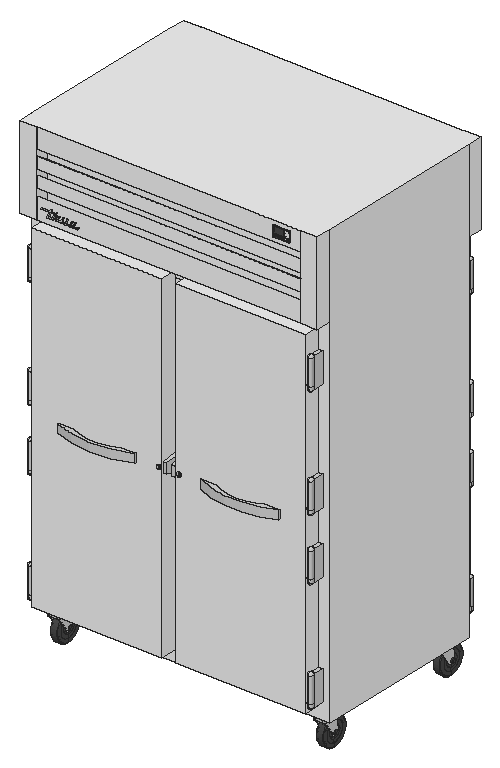
Revit family (continued)
Automatic sketch dimensions
  plane 7 to Extrusion 87 sketch curve = 3.62579"
  Extrusion 87 sketch curve to Extrusion 87 sketch curve = 4.47281"
  Extrusion 88 sketch curve to plane 1 "BACK" = 0.2"  (x2)
  Extrusion 88 sketch curve to plane 1 "BACK" = 0"  (x2)
  plane 1 "BACK" to Extrusion 88 sketch curve = 7.77899"
  plane 14 to Extrusion 88 sketch curve = 2.97406"
  Extrusion 88 sketch curve to plane 8 = 5.95"
  Extrusion 88 sketch curve to Extrusion 88 sketch curve = 2.4"
  Extrusion 88 sketch curve to Extrusion 88 sketch curve = 4.4"
  Extrusion 88 sketch curve to Extrusion 88 sketch curve = 0"
  Extrusion 89 sketch curve to plane 1 "BACK" = 0.2"  (x2)
  Extrusion 89 sketch curve to plane 1 "BACK" = 0"  (x2)
  plane 1 "BACK" to Extrusion 89 sketch curve = 7.77899"
  plane 14 to Extrusion 89 sketch curve = 2.97406"
  plane 9 to Extrusion 89 sketch curve = 3.99688"
  Extrusion 89 sketch curve to Extrusion 89 sketch curve = 2.4"
  Extrusion 89 sketch curve to plane 12 = 12 19/32"
  Extrusion 89 sketch curve to Extrusion 89 sketch curve = 0"
  Extrusion 3 to Extrusion 90 sketch curve = 0"  (x2)
  Extrusion 90 sketch curve to Extrusion 90 sketch curve = 1"
  Extrusion 3 to Extrusion 90 sketch curve = 1"
  Extrusion 3 to Extrusion 90 sketch curve = 22 1/8"  (x2)
  Extrusion 90 sketch curve to Extrusion 90 sketch curve = 4 1/32"  (x2)
  Extrusion 92 sketch curve to plane 9 = 3/4"
  Extrusion 92 sketch curve to plane 12 = 1 1/8"
  Extrusion 92 sketch curve to plane 8 = 1 9/32"
  plane 10 to Extrusion 92 sketch curve = 19/32"
  plane 7 to Extrusion 92 sketch curve = 1 29/32"  (x2)
  Extrusion 92 sketch curve to plane 6 "TOP" = 16 5/32"
  Extrusion 92 sketch curve to Extrusion 92 sketch curve = 0"
  plane 5 "FRONT" to Extrusion 93 sketch curve = 0.2"  (x2)
  plane 5 "FRONT" to Extrusion 93 sketch curve = 0"  (x2)
  Extrusion 93 sketch curve to plane 5 "FRONT" = 7.77899"
  Extrusion 93 sketch curve to plane 14 = 2.97406"
  Extrusion 93 sketch curve to plane 10 = 3.91875"
  Extrusion 93 sketch curve to Extrusion 93 sketch curve = 2.4"
  Extrusion 93 sketch curve to plane 8 = 12 3/4"
  Extrusion 93 sketch curve to Extrusion 93 sketch curve = 0"
  plane 5 "FRONT" to Extrusion 94 sketch curve = 0.2"  (x2)
  plane 5 "FRONT" to Extrusion 94 sketch curve = 0"  (x2)
  Extrusion 94 sketch curve to plane 5 "FRONT" = 7.77899"
  Extrusion 94 sketch curve to plane 14 = 2.97406"
  Extrusion 94 sketch curve to plane 12 = 5.79375"
  Extrusion 94 sketch curve to Extrusion 94 sketch curve = 2.4"
  Extrusion 94 sketch curve to Extrusion 94 sketch curve = 4.4"
  Extrusion 94 sketch curve to Extrusion 94 sketch curve = 0"
  plane 1 "BACK" to curve 1 = 0"
  curve 1 to plane 3 "LEFT" = 0"
  curve 25 to plane 5 "FRONT" = 0"
  curve 5 to plane 4 "RIGHT" = 0"
  plane 3 "LEFT" to curve 11 = 1.20097"
  plane 3 "LEFT" to curve 7 = 1.20097"
  curve 36 to plane 9 = 3/4"
  curve 24 to plane 9 = 3/4"
  curve 13 to plane 9 = 11/32"
  curve 8 to plane 9 = 11/32"
  plane 1 "BACK" to curve 11 = 3.1708"
  plane 9 to curve 11 = 0.98222"
  plane 9 to curve 7 = 0.60602"
  plane 5 "FRONT" to curve 38 = 0.2"  (x2)
  plane 9 to curve 38 = 3.7375"
  curve 10 to curve 28 = 1.45624"
  curve 28 to curve 29 = 2.4"
  curve 40 to curve 41 = 2.4"
  curve 29 to curve 29 = 4.4"
  plane 14 to curve 26 = 2.97406"
  curve 26 to curve 29 = 0"
  curve 26 to curve 38 = 0"
  curve 41 to curve 38 = 0"
  curve 26 to plane 1 "BACK" = 0.2"
  curve 29 to curve 26 = 2.4"
  curve 25 to plane 12 = 1 1/8"
  curve 37 to plane 12 = 1 1/8"
  curve 23 to plane 8 = 1 9/32"
  curve 35 to plane 8 = 1 9/32"
  curve 35 to curve 31 = 4.69375"
  plane 5 "FRONT" to curve 43 = 0.2"
  curve 23 to curve 43 = 4.63125"
  curve 43 to curve 45 = 2.4"
  curve 31 to curve 33 = 2.4"
  plane 14 to curve 30 = 2.97406"
  curve 30 to plane 8 = 12.775"
  curve 45 to curve 45 = 4.4"
  curve 33 to curve 30 = 0"
  curve 42 to curve 30 = 1/16"
  curve 30 to plane 1 "BACK" = 0.2"
  curve 33 to curve 30 = 2.4"
  curve 45 to curve 44 = 2.5875"
  curve 20 to plane 10 = 2.55528"
  curve 16 to plane 10 = 2.55528"
  curve 16 to plane 10 = 1.25624"
  curve 21 to plane 10 = 1.25624"
  plane 10 to curve 14 = 0.06972"
  plane 10 to curve 18 = 0.06972"
  plane 10 to curve 34 = 19/32"
  plane 10 to curve 23 = 19/32"
  curve 34 to curve 35 = 0"
  curve 22 to curve 23 = 0"
  curve 5 to plane 5 "FRONT" = 2 1/4"
  curve 20 to plane 5 "FRONT" = 3.92849"
  curve 5 to curve 9 = 1.78257"
  curve 20 to curve 19 = 3/4"
  curve 8 to curve 8 = 3/4"
  curve 41 to plane 5 "FRONT" = 7.77899"
  curve 45 to plane 5 "FRONT" = 7.77899"
  curve 38 to plane 14 = 2.97406"
  curve 42 to plane 14 = 2.97406"
  curve 26 to curve 29 = 7.30945"
  curve 30 to curve 33 = 7.30945"
  curve 12 to curve 10 = 5.29663"
  plane 1 "BACK" to curve 16 = 8.46743"
  curve 16 to curve 15 = 3/4"
  curve 46 to curve 1 = 2 1/4"
  Extrusion 55 sketch curve to plane 5 "FRONT" = 0"  (x2)
  plane 10 to Extrusion 55 sketch curve = 19/32"
  Extrusion 55 sketch curve to plane 8 = 1 9/32"
  plane 8 to Extrusion 55 sketch curve = 1 1/8"
  Extrusion 55 sketch curve to plane 9 = 3/4"
  plane 1 "BACK" to Extrusion 91 sketch curve = 0"  (x2)
  plane 10 to Extrusion 91 sketch curve = 19/32"
  Extrusion 91 sketch curve to plane 8 = 1 9/32"
  plane 8 to Extrusion 91 sketch curve = 1 1/8"
  Extrusion 91 sketch curve to plane 9 = 3/4"
  radius of Extrusion 6 sketch curve = 0.35"  (x2)
  radius of Extrusion 8 sketch curve = 1/4"
  radius of Extrusion 56 sketch curve = 1 1/2"
  radius of Extrusion 57 sketch curve = 1 1/2"
  radius of Extrusion 58 sketch curve = 1 1/2"
  radius of Extrusion 59 sketch curve = 1 1/2"
  radius of Extrusion 61 sketch curve = 0.35"  (x2)
Connectors (in)
  electrical at (49.53125, -0.0625, 82), driven by "Volts", driven by "Watts"
    settings: on Extrusion 8, index 1, voltage 208 V, apparent load 3000 VA, apparent load phase1 0 VA, apparent load phase2 0 VA, apparent load phase3 0 VA, power factor 1, load classification "Other", number of poles 1, system type 30, power factor state 1, is connector primary yes, connector utility no, sub classification motor no, connector description "Electrical Connection"
